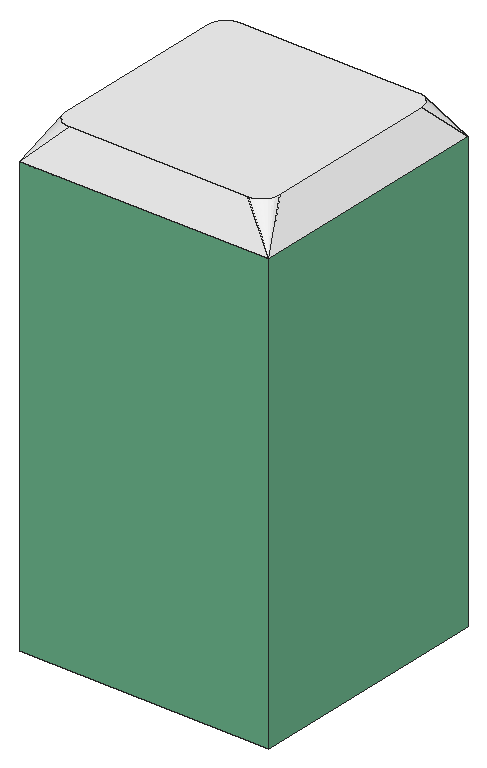
Revit family "ebeb7aca8e3645b0b031b9d969ecb4c1", category Site, Revit 2021
Family settings
  Round Connector Dimension = Use Diameter
  Part Type = Normal
  Seek Item ID = Porta-John-0000-USA-ENU
  Work Plane-Based = No
  Always vertical = Yes
  Cut with Voids When Loaded = No
  Shared = No
Parameters
  Depth = 3' - 6"
  Width = 3' - 6"
Reference planes (in)
  plane 1 "Center (Front/Back)": y = 0.24874
  plane 2: z = 0
  plane 3 "Center (Left/Right)": x = 0.47898
  plane 4: y = 21.24874
  plane 5: x = 21.47898
  plane 6: y = -20.75126
  plane 7: x = -20.52102
  plane 8: z = 80
  plane 9: z = 74
Forms (in)
  Extrusion 1, solid, material "Plastic - Green"
    sketch origin (0, 0, 0) x (1, 0, 0) y (0, 1, 0)
      loop
        line (-20.52102, 21.24874) -> (-20.52102, -20.75126) -> (21.47898, -20.75126) -> (21.47898, 21.24874) -> (-20.52102, 21.24874)
    from 0 to 74
  Blend 2, solid, material "Plastic, Opaque White"
    base sketch origin (0, 0, 0) x (1, 0, 0) y (0, 1, 0)
      loop
        line (-20.52102, 21.24874) -> (-20.52102, -20.75126) -> (21.47898, -20.75126) -> (21.47898, 21.24874) -> (-20.52102, 21.24874)
    top sketch origin (0, 0, 0) x (1, 0, 0) y (0, 1, 0)
      loop
        arc (-14.52102, 18.24874) -> (-16.64234, 17.37006) -> (-17.52102, 15.24874) r 3
        line (-17.52102, 15.24874) -> (-17.52102, -14.75126)
        arc (-17.52102, -14.75126) -> (-16.64234, -16.87258) -> (-14.52102, -17.75126) r 3
        line (-14.52102, -17.75126) -> (15.47898, -17.75126)
        arc (15.47898, -17.75126) -> (17.6003, -16.87258) -> (18.47898, -14.75126) r 3
        line (18.47898, -14.75126) -> (18.47898, 15.24874)
        arc (18.47898, 15.24874) -> (17.6003, 17.37006) -> (15.47898, 18.24874) r 3
        line (15.47898, 18.24874) -> (-14.52102, 18.24874)
    from 74 to 80
Lines and regions (in)
  Split face 1
    outline origin (-20.52102, -20.75126, 74) x (0, 0, -1) y (1, 0, 0)
      loop
        line (73, 8) -> (73, 34) -> (9.86133, 34)
        arc (9.86133, 34) -> (5.61869, 32.24264) -> (3.86133, 28) r 6
        line (3.86133, 28) -> (3.86133, 14)
        arc (3.86133, 14) -> (5.61869, 9.75736) -> (9.86133, 8) r 6
        line (9.86133, 8) -> (73, 8)
  Split face 2
    outline origin (-20.52102, -20.75126, 74) x (0, 0, -1) y (1, 0, 0)
      loop
        line (71.5, 9.5) -> (71.5, 32.5) -> (10.25, 32.5)
        arc (10.25, 32.5) -> (6.89124, 31.10876) -> (5.5, 27.75) r 4.75
        line (5.5, 27.75) -> (5.5, 14.25)
        arc (5.5, 14.25) -> (6.89124, 10.89124) -> (10.25, 9.5) r 4.75
        line (10.25, 9.5) -> (71.5, 9.5)
  model lines, style "Logistics"
    curve 1: line (-11.52102, -44.75126, 0) -> (-11.52102, -20.75126, 0)
    curve 2: arc (-11.52102, -44.75126, 0) -> (5.44955, -37.72182, 0) -> (12.47898, -20.75126, 0) r 24
Dimensions and locks (in)
  "Width": plane 7 to plane 5
  equal spacing: plane 7, plane 3 "Center (Left/Right)", plane 5
  equal spacing: plane 6, plane 1 "Center (Front/Back)", plane 4
  "Depth": plane 6 to plane 4
  locked: plane 8 to plane 2 at 80
  locked: plane 8 to plane 9 at 6
  aligned and locked: plane 7 to Extrusion 1 sketch curve
  aligned and locked: plane 6 to Extrusion 1 sketch curve
  aligned and locked: plane 5 to Extrusion 1 sketch curve
  aligned and locked: plane 4 to Extrusion 1 sketch curve
  aligned and locked: Extrusion 1 to plane 9
  aligned and locked: Blend 2 sketch curve to Extrusion 1  (x3)
  aligned and locked: Extrusion 1 to Blend 2 sketch curve
  aligned and locked: Blend 2 to plane 8
  aligned and locked: Blend 2 to Extrusion 1
Automatic sketch dimensions
  Blend 2 sketch curve to plane 7 = 0' - 3"
  Blend 2 sketch curve to Blend 2 sketch curve = 0' - 3"  (x2)
  Blend 2 sketch curve to plane 6 = 0' - 3"
  plane 5 to Blend 2 sketch curve = 0' - 6"  (x2)
  plane 5 to Blend 2 sketch curve = 0' - 3"
  plane 4 to Blend 2 sketch curve = 0' - 6"
  Split face 1 sketch curve to Extrusion 1 = 0' - 3.86133"
  Split face 1 sketch curve to Split face 1 sketch curve = 0' - 6"  (x2)
  Split face 1 sketch curve to Extrusion 1 = 0' - 1"
  Split face 1 sketch curve to Extrusion 1 = 0' - 8"
  Split face 1 sketch curve to Split face 1 sketch curve = 1' - 2"
  Split face 2 sketch curve to Extrusion 1 = 0' - 5 1/2"
  Split face 2 sketch curve to Split face 2 sketch curve = 0' - 4 3/4"  (x2)
  Split face 2 sketch curve to Extrusion 1 = 0' - 2 1/2"
  Split face 2 sketch curve to Extrusion 1 = 0' - 9 1/2"
  Split face 2 sketch curve to Split face 2 sketch curve = 1' - 1 1/2"
  curve 1 to plane 6 = 0' - 0"
  curve 2 to plane 6 = 0' - 0"
  curve 1 to plane 7 = 0' - 9"
  plane 5 to curve 2 = 0' - 9"
